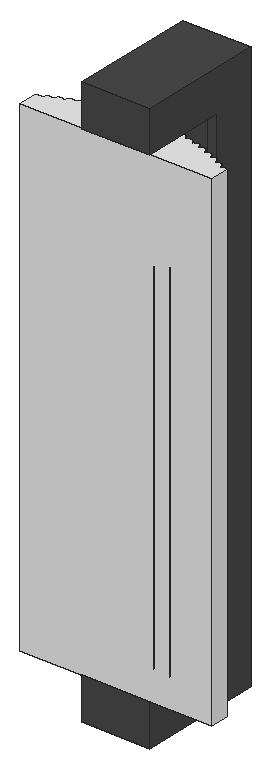
Revit family "3-762-xx - Verve Wall Sconce", category Luminarias, Revit 2021
Family settings
  Anfitrión = Muro
  Cota de conector redondo = Diámetro de uso
  Tipo de pieza = Normal
  Número OmniClass = 23.80.70.00
  Título OmniClass = Lighting
  Siempre vertical = Sí
  Corte con vacíos al cargar = No
  Origen de luz = Sí
  Compartido = No
  Punto de cálculo de habitación = No
Parameters (values of type "3-762-15 / Black")
  Ángulo de inclinación = 90.00°  # constant formula
  Elevación por defecto = 0 mm
  Comentarios de vataje = "1 x 18.0 W at 120 V"  # constant formula
  Wattage = 18 W
  built-in parameter 1150110 = 1 (stored number, unit not read)
  Voltage Input = "120 V or 277 V - 50/60 Hz"  # constant formula
  Voltage = 120 V
  URL = "www.oxygenlighting.com"
  built-in parameter 1114217 = 1 (stored number, unit not read)
  built-in parameter 1150109 = 1 (stored number, unit not read)
  built-in parameter 1150134 = (empty or 0)
  built-in parameter 1150113 = 1 (stored number, unit not read)
  References = "Ref. 3 = 120 V / Ref. 37 = 277 V"  # constant formula
  Modelo = "3-762-xx / Verve Wall Sconce"  # constant formula
  Metal Finish 2 = 15 - Black
  Metal Finish 1 = 6 - White
  Fabricante = "Oxygen Lighting and Fans"  # constant formula
  Lumens = 428.4 lm
  built-in parameter 1150115 = 1 (stored number, unit not read)
  built-in parameter 1150105 = 34.091 (stored number, unit not read)
  built-in parameter 1150137 = (empty or 0)
  built-in parameter 1150139 = (empty or 0)
  built-in parameter 1150112 = 1 (stored number, unit not read)
  built-in parameter 1150114 = 1 (stored number, unit not read)
  Lámpara = "LED Array"  # constant formula
  built-in parameter 1150132 = (empty or 0)
  built-in parameter 1150102 = (empty or 0)
  built-in parameter 1150138 = (empty or 0)
  built-in parameter 1150107 = 3000 (stored number, unit not read)
  built-in parameter 1150106 = 0.34091 (stored number, unit not read)
  built-in parameter 1150104 = 2.2111 (stored number, unit not read)
  Dimming Lamp Color Temperature Shift = (empty or 0)
  Color Filter = 16777215
  built-in parameter 1114218 = 1 (stored number, unit not read)
  Archivo de red fotométrica = "3-762-15 Verve 18 Sconce.ies"
  built-in parameter 1150133 = 10 (stored number, unit not read)
Reference planes
  plane 1: y = 0
  plane 2 "Light Source Axis (L/R)": x = 125
  plane 3 "Light Source Axis (F/R)": y = 142.5
  plane 4 "Light Source Elevation": z = 1020
  plane 5: y = 75
Text (mm)
  text "Placement side" at (-1787.139, 1116.779, 0), in view "Ref. Level"
  text "Placement side" at (0, 2110.396, 2986.058), in view "Left"
  text "Placement side" at (0, 628.478, 3011.967), in view "Right"
Dimensions and locks
  locked: plane 3 "Light Source Axis (F/R)" to plane 5 at 67.5
  locked: plane 4 "Light Source Elevation" to nested 1 at 177.5
  aligned and locked: plane 1 to host wall
  aligned and locked: plane 4 "Light Source Elevation" to imposter light
  aligned and locked: plane 5 to host wall
  aligned and locked: nested 1 to plane 2 "Light Source Axis (L/R)"
  aligned and locked: plane 5 to nested 1
Nested families
  nested 1: "Family1" at (125, 75, 970) x (-1, 0, 0) z (0, 0, 1), type "Family1"
Connectors
  electrical at (125, 75, 970), driven by "Voltage"
    settings: on nested 1, index 1, voltage 120 V, apparent load 0 VA, apparent load phase1 0 VA, apparent load phase2 0 VA, apparent load phase3 0 VA, power factor 1, load classification "Other", number of poles 1, system type 31, power factor state 1, is connector primary yes, connector utility no, sub classification motor no, connector description ""
Definition of nested family "Family1"
  Parameters (values of type "Family1")
    Metal finish 2 = none
    Metal Finish 1 = none
    Default Elevation = 0 mm
  Reference planes
    plane 1 "Center (Front/Back)": y = 0
    plane 2: z = 0
    plane 3 "Center (Left/Right)": x = 0
  Forms (mm)
    Extrusion 1, solid, material <- "Metal Finish 1"
      sketch origin (0, 0, 0) x (1, 0, 0) y (0, 1, 0)
        loop
          line (-76, 0) -> (-76, -15)
          arc (-76, -15) -> (-75.496, -15.301) -> (-74.979, -15.579) r 12.957
          arc (-74.979, -15.579) -> (-73.426, -15.968) -> (-71.894, -15.503) r 3
          arc (-71.894, -15.503) -> (-70.88, -15.47) -> (-70.359, -16.341) r 1
          arc (-70.359, -16.341) -> (-68.734, -18.988) -> (-65.635, -18.777) r 3
          arc (-65.635, -18.777) -> (-64.623, -18.695) -> (-64.062, -19.541) r 1
          arc (-64.062, -19.541) -> (-62.312, -22.108) -> (-59.227, -21.749) r 3
          arc (-59.227, -21.749) -> (-58.22, -21.62) -> (-57.619, -22.437) r 1
          arc (-57.619, -22.437) -> (-55.749, -24.918) -> (-52.684, -24.413) r 3
          arc (-52.684, -24.413) -> (-51.685, -24.236) -> (-51.046, -25.024) r 1
          arc (-51.046, -25.024) -> (-49.06, -27.413) -> (-46.023, -26.763) r 3
          arc (-46.023, -26.763) -> (-45.033, -26.538) -> (-44.357, -27.295) r 1
          arc (-44.357, -27.295) -> (-42.26, -29.587) -> (-39.257, -28.793) r 3
          arc (-39.257, -28.793) -> (-38.279, -28.521) -> (-37.567, -29.245) r 1
          arc (-37.567, -29.245) -> (-35.364, -31.435) -> (-32.402, -30.498) r 3
          arc (-32.402, -30.498) -> (-31.438, -30.181) -> (-30.693, -30.87) r 1
          arc (-30.693, -30.87) -> (-28.394, -32.96) -> (-25.477, -31.893) r 3
          arc (-25.477, -31.893) -> (-24.528, -31.533) -> (-23.753, -32.188) r 1
          arc (-23.753, -32.188) -> (-21.358, -34.166) -> (-18.494, -32.961) r 3
          arc (-18.494, -32.961) -> (-17.564, -32.557) -> (-16.758, -33.175) r 1
          arc (-16.758, -33.175) -> (-14.272, -35.036) -> (-11.469, -33.697) r 3
          arc (-11.469, -33.697) -> (-10.558, -33.248) -> (-9.725, -33.827) r 1
          arc (-9.725, -33.827) -> (-7.329, -35.804) -> (-4.466, -34.6) r 3
          arc (-4.466, -34.6) -> (-3.535, -34.195) -> (-2.73, -34.813) r 1
          arc (-2.73, -34.813) -> (0, -36.068) -> (2.73, -34.813) r 3.596
          arc (2.73, -34.813) -> (3.535, -34.195) -> (4.466, -34.6) r 1
          arc (4.466, -34.6) -> (7.329, -35.804) -> (9.725, -33.827) r 3
          arc (9.725, -33.827) -> (10.558, -33.248) -> (11.469, -33.697) r 1
          arc (11.469, -33.697) -> (14.272, -35.036) -> (16.758, -33.175) r 3
          arc (16.758, -33.175) -> (17.564, -32.557) -> (18.494, -32.961) r 1
          arc (18.494, -32.961) -> (21.358, -34.166) -> (23.753, -32.188) r 3
          arc (23.753, -32.188) -> (24.528, -31.533) -> (25.477, -31.893) r 1
          arc (25.477, -31.893) -> (28.394, -32.96) -> (30.693, -30.87) r 3
          arc (30.693, -30.87) -> (31.438, -30.181) -> (32.402, -30.498) r 1
          arc (32.402, -30.498) -> (35.364, -31.435) -> (37.567, -29.245) r 3
          arc (37.567, -29.245) -> (38.279, -28.521) -> (39.257, -28.793) r 1
          arc (39.257, -28.793) -> (42.26, -29.587) -> (44.357, -27.295) r 3
          arc (44.357, -27.295) -> (45.033, -26.538) -> (46.023, -26.763) r 1
          arc (46.023, -26.763) -> (49.06, -27.413) -> (51.046, -25.024) r 3
          arc (51.046, -25.024) -> (51.685, -24.236) -> (52.684, -24.413) r 1
          arc (52.684, -24.413) -> (55.749, -24.918) -> (57.619, -22.437) r 3
          arc (57.619, -22.437) -> (58.22, -21.62) -> (59.227, -21.749) r 1
          arc (59.227, -21.749) -> (62.312, -22.108) -> (64.062, -19.541) r 3
          arc (64.062, -19.541) -> (64.623, -18.695) -> (65.635, -18.777) r 1
          arc (65.635, -18.777) -> (68.734, -18.988) -> (70.359, -16.341) r 3
          arc (70.359, -16.341) -> (70.88, -15.47) -> (71.894, -15.503) r 1
          arc (71.894, -15.503) -> (73.426, -15.968) -> (74.979, -15.579) r 3
          arc (74.979, -15.579) -> (75.496, -15.301) -> (76, -15) r 12.957
          line (76, -15) -> (76, 0) -> (-76, 0)
      from -194.5 to 194.5
    Extrusion 2, solid, material <- "Metal finish 2"
      sketch origin (0, 0, 0) x (0, 1, 0) y (0, 0, 1)
        loop
          line (0, 194.5) -> (0, 227.5) -> (-100.016, 227.5) -> (-100.016, -144.5) -> (-100.016, -227.5) -> (0, -227.5) -> (0, -194.5) -> (-67.016, -194.5) -> (-67.016, 194.5) -> (0, 194.5)
      from -27 to 27
    Extrusion 3, void
      sketch origin (0, 0, 0) x (1, 0, 0) y (0, 1, 0)
        loop
          line (-19.642, -67.016) -> (-19.642, -87.016) -> (20.358, -87.016) -> (20.358, -67.016) -> (-19.642, -67.016)
      from -194.5 to 194.5
  Cuts and joins
    Extrusion 3 cuts Extrusion 2
  Dimensions and locks
    aligned and locked: level to plane 2
